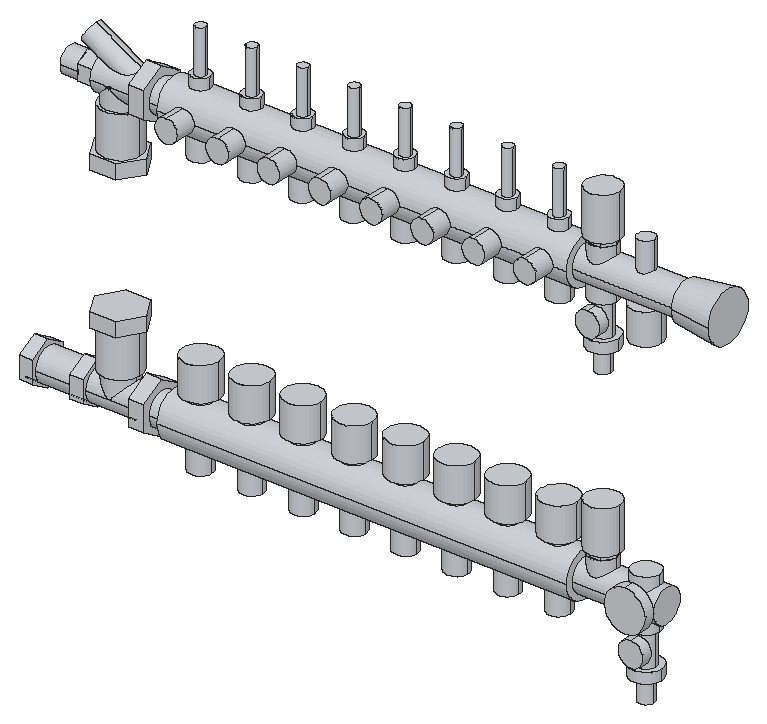
Revit family "318_1dab38ccfa9a4ba2b3cf6a35155c08", category Pipe Accessories, Revit 2017 (continued)
Automatic sketch dimensions
  plane 37 "354" to Extrusion 21 sketch curve = 0.349 mm
  Extrusion 21 sketch curve to plane 34 "357" = 9.5 mm  (x2)
  Extrusion 21 sketch curve to plane 1 "Center (Front/Back)" = 21.651 mm
  plane 58 "333" to Extrusion 21 sketch curve = 3.5 mm  (x2)
  Extrusion 22 sketch curve to plane 1 "Center (Front/Back)" = 0 mm  (x2)
  Extrusion 22 sketch curve to plane 60 "331" = 0 mm
  Extrusion 22 sketch curve to plane 56 "335" = 0 mm
  plane 37 "354" to Extrusion 22 sketch curve = 0.349 mm
  Extrusion 22 sketch curve to plane 14 "377" = 8.5 mm  (x2)
  Extrusion 22 sketch curve to plane 1 "Center (Front/Back)" = 21.651 mm
  Extrusion 22 sketch curve to plane 32 "359" = 12.5 mm  (x2)
  Extrusion 23 sketch curve to plane 5 "386" = 0 mm
  Extrusion 110 sketch curve to plane 5 "386" = 0 mm
  Blend 111 sketch curve to plane 5 "386" = 3 mm
  Blend 111 sketch curve to plane 37 "354" = 2 mm
  plane 49 "342" to Extrusion 112 sketch curve = 5 mm
  plane 1 "Center (Front/Back)" to Extrusion 113 sketch curve = 0 mm  (x2)
  plane 49 "342" to Extrusion 113 sketch curve = 5 mm
  Extrusion 113 sketch curve to plane 52 "339" = 6.5 mm  (x2)
  Extrusion 113 sketch curve to plane 9 "382" = 2.258 mm
  Extrusion 113 sketch curve to plane 45 "346" = 0.5 mm  (x2)
  plane 45 "346" to Extrusion 113 sketch curve = 6 mm
  Extrusion 113 sketch curve to plane 1 "Center (Front/Back)" = 11.258 mm
  plane 49 "342" to Extrusion 114 sketch curve = 2 mm
  Extrusion 115 sketch curve to plane 5 "386" = 0 mm
  plane 49 "342" to Extrusion 116 sketch curve = 5 mm
  plane 49 "342" to Extrusion 117 sketch curve = 2 mm
  plane 1 "Center (Front/Back)" to Extrusion 118 sketch curve = 0 mm  (x2)
  plane 49 "342" to Extrusion 118 sketch curve = 5 mm
  Extrusion 118 sketch curve to plane 52 "339" = 6.5 mm  (x2)
  Extrusion 118 sketch curve to plane 9 "382" = 2.258 mm
  Extrusion 118 sketch curve to plane 45 "346" = 0.5 mm  (x2)
  plane 45 "346" to Extrusion 118 sketch curve = 6 mm
  Extrusion 118 sketch curve to plane 1 "Center (Front/Back)" = 11.258 mm
  Extrusion 119 sketch curve to plane 46 "345" = 0 mm
  Extrusion 120 sketch curve to Extrusion 120 sketch curve = 8 mm
  Extrusion 121 sketch curve to Extrusion 121 sketch curve = 9 mm
  Extrusion 122 sketch curve to Extrusion 122 sketch curve = 13 mm
  Extrusion 123 sketch curve to plane 9 "382" = 1 mm
  Extrusion 124 sketch curve to plane 9 "382" = 1 mm
  Extrusion 125 sketch curve to plane 9 "382" = 1 mm
  Extrusion 126 sketch curve to plane 9 "382" = 1 mm
  Extrusion 127 sketch curve to plane 9 "382" = 1 mm
  Extrusion 128 sketch curve to plane 9 "382" = 1 mm
  Extrusion 129 sketch curve to plane 9 "382" = 1 mm
  Extrusion 130 sketch curve to plane 9 "382" = 1 mm
  Extrusion 131 sketch curve to plane 9 "382" = 1 mm
  Extrusion 132 sketch curve to plane 9 "382" = 1 mm
  Extrusion 133 sketch curve to plane 9 "382" = 1 mm
  Extrusion 134 sketch curve to plane 9 "382" = 1 mm
  Extrusion 135 sketch curve to plane 9 "382" = 1 mm
  Extrusion 136 sketch curve to plane 9 "382" = 1 mm
  Extrusion 137 sketch curve to plane 9 "382" = 1 mm
  Extrusion 138 sketch curve to plane 9 "382" = 1 mm
  Extrusion 139 sketch curve to plane 9 "382" = 1 mm
  Extrusion 140 sketch curve to plane 9 "382" = 1 mm
Connectors
  piping at (0, 0, 0), diameter 25, driven by "Flow supply main", driven by "SMP"
    settings: on Extrusion 137, index 1, connector inside diameter 609.6 mm, connector length 0 mm, flow factor 0, pipe flow 0.0 L/s, pressure drop 0.0 Pa, fitting loss kfactor 0, connector angle 0.00°, fixture units 0, engagement length 0 mm, angle of deflection 0.00°, flow configuration 1, flow direction 1, fitting loss method 0, system type 7, joint type 0, gender type 0, connector reference index -1, connector utility 0, adjustable connector no, is connector primary yes, connector description "Main_1_1"
  piping at (127, 0, -40), diameter 18, driven by "Flow supply 1", driven by "SBP1"
    settings: on Extrusion 139, index 2, connector inside diameter 609.6 mm, connector length 0 mm, flow factor 0, pipe flow 0.0 L/s, pressure drop 0.0 Pa, fitting loss kfactor 0, connector angle 0.00°, fixture units 0, engagement length 0 mm, angle of deflection 0.00°, flow configuration 0, flow direction 2, fitting loss method 0, system type 7, joint type 0, gender type 0, connector reference index -1, connector utility 0, adjustable connector no, is connector primary no, connector description "Branch_1_1"
  piping at (177, 0, -40), diameter 18, driven by "Flow supply 2", driven by "SBP2"
    settings: on Extrusion 140, index 3, connector inside diameter 609.6 mm, connector length 0 mm, flow factor 0, pipe flow 0.0 L/s, pressure drop 0.0 Pa, fitting loss kfactor 0, connector angle 0.00°, fixture units 0, engagement length 0 mm, angle of deflection 0.00°, flow configuration 0, flow direction 2, fitting loss method 0, system type 7, joint type 0, gender type 0, connector reference index -1, connector utility 0, adjustable connector no, is connector primary no, connector description "Branch_1_2"
  piping at (227, 0, -40), diameter 18, driven by "Flow supply 3", driven by "SBP3"
    settings: on Extrusion 136, index 4, connector inside diameter 609.6 mm, connector length 0 mm, flow factor 0, pipe flow 0.0 L/s, pressure drop 0.0 Pa, fitting loss kfactor 0, connector angle 0.00°, fixture units 0, engagement length 0 mm, angle of deflection 0.00°, flow configuration 0, flow direction 2, fitting loss method 0, system type 7, joint type 0, gender type 0, connector reference index -1, connector utility 0, adjustable connector no, is connector primary no, connector description "Branch_1_3"
  piping at (277, 0, -40), diameter 18, driven by "Flow supply 4", driven by "SBP4"
    settings: on Extrusion 135, index 5, connector inside diameter 609.6 mm, connector length 0 mm, flow factor 0, pipe flow 0.0 L/s, pressure drop 0.0 Pa, fitting loss kfactor 0, connector angle 0.00°, fixture units 0, engagement length 0 mm, angle of deflection 0.00°, flow configuration 0, flow direction 2, fitting loss method 0, system type 7, joint type 0, gender type 0, connector reference index -1, connector utility 0, adjustable connector no, is connector primary no, connector description "Branch_1_4"
  piping at (327, 0, -40), diameter 18, driven by "Flow supply 5", driven by "SBP5"
    settings: on Extrusion 134, index 6, connector inside diameter 609.6 mm, connector length 0 mm, flow factor 0, pipe flow 0.0 L/s, pressure drop 0.0 Pa, fitting loss kfactor 0, connector angle 0.00°, fixture units 0, engagement length 0 mm, angle of deflection 0.00°, flow configuration 0, flow direction 2, fitting loss method 0, system type 7, joint type 0, gender type 0, connector reference index -1, connector utility 0, adjustable connector no, is connector primary no, connector description "Branch_1_5"
  piping at (377, 0, -40), diameter 18, driven by "Flow supply 6", driven by "SBP6"
    settings: on Extrusion 133, index 7, connector inside diameter 609.6 mm, connector length 0 mm, flow factor 0, pipe flow 0.0 L/s, pressure drop 0.0 Pa, fitting loss kfactor 0, connector angle 0.00°, fixture units 0, engagement length 0 mm, angle of deflection 0.00°, flow configuration 0, flow direction 2, fitting loss method 0, system type 7, joint type 0, gender type 0, connector reference index -1, connector utility 0, adjustable connector no, is connector primary no, connector description "Branch_1_6"
  piping at (427, 0, -40), diameter 18, driven by "Flow supply 7", driven by "SBP7"
    settings: on Extrusion 132, index 8, connector inside diameter 609.6 mm, connector length 0 mm, flow factor 0, pipe flow 0.0 L/s, pressure drop 0.0 Pa, fitting loss kfactor 0, connector angle 0.00°, fixture units 0, engagement length 0 mm, angle of deflection 0.00°, flow configuration 0, flow direction 2, fitting loss method 0, system type 7, joint type 0, gender type 0, connector reference index -1, connector utility 0, adjustable connector no, is connector primary no, connector description "Branch_1_7"
  piping at (477, 0, -40), diameter 18, driven by "Flow supply 8", driven by "SBP8"
    settings: on Extrusion 131, index 9, connector inside diameter 609.6 mm, connector length 0 mm, flow factor 0, pipe flow 0.0 L/s, pressure drop 0.0 Pa, fitting loss kfactor 0, connector angle 0.00°, fixture units 0, engagement length 0 mm, angle of deflection 0.00°, flow configuration 0, flow direction 2, fitting loss method 0, system type 7, joint type 0, gender type 0, connector reference index -1, connector utility 0, adjustable connector no, is connector primary no, connector description "Branch_1_8"
  piping at (-35, 0, -274), diameter 25, driven by "Flow return main", driven by "RMP"
    settings: on Extrusion 138, index 10, connector inside diameter 609.6 mm, connector length 0 mm, flow factor 0, pipe flow 0.0 L/s, pressure drop 0.0 Pa, fitting loss kfactor 0, connector angle 0.00°, fixture units 0, engagement length 0 mm, angle of deflection 0.00°, flow configuration 1, flow direction 2, fitting loss method 0, system type 8, joint type 0, gender type 0, connector reference index -1, connector utility 0, adjustable connector no, is connector primary no, connector description "Main_2_1"
  piping at (127, 0, -314), diameter 18, driven by "Flow return 1", driven by "RBP1"
    settings: on Extrusion 129, index 11, connector inside diameter 609.6 mm, connector length 0 mm, flow factor 0, pipe flow 0.0 L/s, pressure drop 0.0 Pa, fitting loss kfactor 0, connector angle 0.00°, fixture units 0, engagement length 0 mm, angle of deflection 0.00°, flow configuration 0, flow direction 1, fitting loss method 0, system type 8, joint type 0, gender type 0, connector reference index -1, connector utility 0, adjustable connector no, is connector primary no, connector description "Branch_2_1"
  piping at (177, 0, -314), diameter 18, driven by "Flow return 2", driven by "RBP2"
    settings: on Extrusion 128, index 12, connector inside diameter 609.6 mm, connector length 0 mm, flow factor 0, pipe flow 0.0 L/s, pressure drop 0.0 Pa, fitting loss kfactor 0, connector angle 0.00°, fixture units 0, engagement length 0 mm, angle of deflection 0.00°, flow configuration 0, flow direction 1, fitting loss method 0, system type 8, joint type 0, gender type 0, connector reference index -1, connector utility 0, adjustable connector no, is connector primary no, connector description "Branch_2_2"
  piping at (227, 0, -314), diameter 18, driven by "Flow return 3", driven by "RBP3"
    settings: on Extrusion 130, index 13, connector inside diameter 609.6 mm, connector length 0 mm, flow factor 0, pipe flow 0.0 L/s, pressure drop 0.0 Pa, fitting loss kfactor 0, connector angle 0.00°, fixture units 0, engagement length 0 mm, angle of deflection 0.00°, flow configuration 0, flow direction 1, fitting loss method 0, system type 8, joint type 0, gender type 0, connector reference index -1, connector utility 0, adjustable connector no, is connector primary no, connector description "Branch_2_3"
  piping at (277, 0, -314), diameter 18, driven by "Flow return 4", driven by "RBP4"
    settings: on Extrusion 127, index 14, connector inside diameter 609.6 mm, connector length 0 mm, flow factor 0, pipe flow 0.0 L/s, pressure drop 0.0 Pa, fitting loss kfactor 0, connector angle 0.00°, fixture units 0, engagement length 0 mm, angle of deflection 0.00°, flow configuration 0, flow direction 1, fitting loss method 0, system type 8, joint type 0, gender type 0, connector reference index -1, connector utility 0, adjustable connector no, is connector primary no, connector description "Branch_2_4"
  piping at (327, 0, -314), diameter 18, driven by "Flow return 5", driven by "RBP5"
    settings: on Extrusion 126, index 15, connector inside diameter 609.6 mm, connector length 0 mm, flow factor 0, pipe flow 0.0 L/s, pressure drop 0.0 Pa, fitting loss kfactor 0, connector angle 0.00°, fixture units 0, engagement length 0 mm, angle of deflection 0.00°, flow configuration 0, flow direction 1, fitting loss method 0, system type 8, joint type 0, gender type 0, connector reference index -1, connector utility 0, adjustable connector no, is connector primary no, connector description "Branch_2_5"
  piping at (377, 0, -314), diameter 18, driven by "Flow return 6", driven by "RBP6"
    settings: on Extrusion 125, index 16, connector inside diameter 609.6 mm, connector length 0 mm, flow factor 0, pipe flow 0.0 L/s, pressure drop 0.0 Pa, fitting loss kfactor 0, connector angle 0.00°, fixture units 0, engagement length 0 mm, angle of deflection 0.00°, flow configuration 0, flow direction 1, fitting loss method 0, system type 8, joint type 0, gender type 0, connector reference index -1, connector utility 0, adjustable connector no, is connector primary no, connector description "Branch_2_6"
  piping at (427, 0, -314), diameter 18, driven by "Flow return 7", driven by "RBP7"
    settings: on Extrusion 124, index 17, connector inside diameter 609.6 mm, connector length 0 mm, flow factor 0, pipe flow 0.0 L/s, pressure drop 0.0 Pa, fitting loss kfactor 0, connector angle 0.00°, fixture units 0, engagement length 0 mm, angle of deflection 0.00°, flow configuration 0, flow direction 1, fitting loss method 0, system type 8, joint type 0, gender type 0, connector reference index -1, connector utility 0, adjustable connector no, is connector primary no, connector description "Branch_2_7"
  piping at (477, 0, -314), diameter 18, driven by "Flow return 8", driven by "RBP8"
    settings: on Extrusion 123, index 18, connector inside diameter 609.6 mm, connector length 0 mm, flow factor 0, pipe flow 0.0 L/s, pressure drop 0.0 Pa, fitting loss kfactor 0, connector angle 0.00°, fixture units 0, engagement length 0 mm, angle of deflection 0.00°, flow configuration 0, flow direction 1, fitting loss method 0, system type 8, joint type 0, gender type 0, connector reference index -1, connector utility 0, adjustable connector no, is connector primary no, connector description "Branch_2_8"
